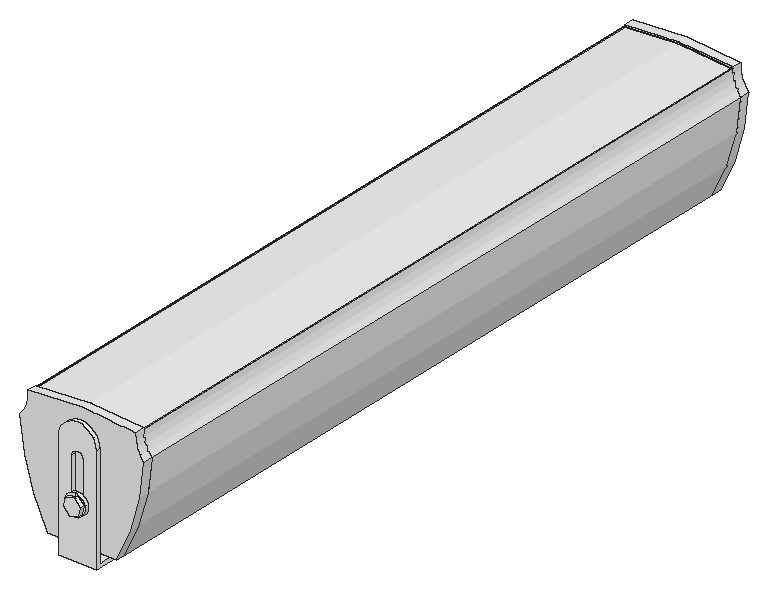
Revit family "Electronics_Desono_Biamp_Two-Way-Column-Loudspeaker_COLS41", category Communication Devices, host Face, Revit 2020
Family settings
  Host = Face
  Maintain Annotation Orientation = No
  Round Connector Dimension = Use Diameter
  Part Type = Normal
  OmniClass Number = 23.85.10.11.14.14.14
  OmniClass Title = Loudspeakers
  Cut with Voids When Loaded = No
  Shared = No
  Room Calculation Point = No
Parameters (values of type "COLS41")
  Width = 0' - 2.59843"  # constant formula
  Weight = 4.40925 lbf  # constant formula
  URL = "https://www.biamp.com/"
  Transformer = "70V: 20W, 10W, 5W, 2.5W; 100V: 20W, 10W, 5W"  # constant formula
  Transducers = "LF 4 x 2 (51 mm) coated paper cone HF 1 x 1 (25 mm) soft dome"  # constant formula
  Shipping Weight = 4.85017 lbf  # constant formula
  Rotate angle [instance] = 0.00°
  Recommended Amplifers = "20W - 40W @ 8Ω (13V - 18V)"  # constant formula
  Product data url = "https://www.bimobject.com/biamp/product/cols41_desono-column"
  Product Page URL = "https://www.biamp.com/products/product-families/desono/column-loudspeakers#cols41"
  Product Documentation Link = "https://downloads.biamp.com/assets/docs/default-source/data-sheets/biamp_data_sheet_desono_cols41_jun21.pdf"
  Operating Range 2 (-10dB) = "175 Hz to 22 kHz "  # constant formula
  Operating Mode = "Passive"  # constant formula
  Operating Environment = "Indoor/Outdoor"  # constant formula
  Offset [instance] = 0' - 0"
  Nominal Sensitivity @ 1m = "1W - 87dB; 2.83V - 87dB"  # constant formula
  Nominal Maximum SPL @ 1m = "Peak - 106dB; Continuous - 100dB"  # constant formula
  Nominal Beamwidth (H x V) = "150° x 20°"  # constant formula
  Nom rotate angle [instance] = if(and(Nom offset < 0' 0 1/4", or(Rotate angle < -15.00°, Rotate angle = -15.00°)), -15.00°, if(and(Nom offset < 0' 0 1/4", and(Rotate angle > -15.00°, Rotate angle < 15.00°)), Rotate angle, if(and(Nom offset < 0' 0 1/4", or(Rotate angle > 15.00°, Rotate angle = 15.00°)), 15.00°, if(and(and(Nom offset > 0' 0 51/256", Nom offset < 0' 0 217/256"), or(Rotate angle < -90.00°, Rotate angle = -90.00°)), -90.00°, if(and(and(Nom offset > 0' 0 51/256", Nom offset < 0' 0 217/256"), and(Rotate angle > -90.00°, Rotate angle < 90.00°)), Rotate angle, if(and(and(Nom offset > 0' 0 51/256", Nom offset < 0' 0 217/256"), or(Rotate angle > 90.00°, Rotate angle = 90.00°)), 90.00°, 0.00°))))))  # 0.00°
  Nom offset [instance] = if(or(Offset < 0' 0", Offset = 0' 0"), 0' 0", if(and(Offset > 0' 0", Offset < 0' 0.84646"), Offset, if(or(Offset > 0' 0.84646", Offset = 0' 0.84646"), 0' 0.84646", 0' 0")))  # 0' - 0"
  Mounting Provisions = "Adjustable tilt L-bracket"  # constant formula
  Model = "COLS41"  # constant formula
  Manufacturer = "Biamp"  # constant formula
  Input Connection = "Multi-position pass-through, screw-down terminal block"  # constant formula
  Housing Material = Biamp - Plastic - White
  Height = 1' - 3.74803"  # constant formula
  Grill Material = Biamp - Plastic - White(Grid)
  Environmental = "IP66 per IEC 60529"  # constant formula
  Description = "Desono™ COLS41 Two-Way 4 x 2 Column Loudspeaker"  # constant formula
  Depth = 0' - 2.59843"  # constant formula
  Default Elevation = 4' - 0"
  Controls = "None; select transformer tap or low impedance input via terminal block wiring"  # constant formula
  Continuous Power Handling Nominal Impedance = "13V; 20W @ 8Ω (80W peak)"  # constant formula
  Connector Description = "Terminal block; Low impedance 8 ohms; 70V/100V operation"  # constant formula
  Bracket Material = Biamp - Metal - White
Reference planes (in)
  plane 1 "Center (Front/Back)": y = 0
  plane 2: z = 0
  plane 3 "Center (Left/Right)": x = 0
  plane 4: z = 1.09609
  plane 5: z = 1.09609
Forms (in)
  Sweep 1, solid, material "Biamp - Metal - White" <- "Bracket Material", detail levels coarse
    path origin (0, 0, 0) x (1, 0, 0) y (0, 1, 0)
      loop
        line (0.3937, 0) -> (-0.3937, 0)
    profile origin (0, 0, 0) x (0, -1, 0) y (0, 0, 1)
      loop
        line (-7.99213, 0) -> (-4.92126, 0) -> (-4.92126, 0.07874) -> (-7.91339, 0.07874) -> (-7.91339, 2.61565) -> (-7.99213, 2.61565) -> (-7.99213, 0)
      loop
        line (7.99213, 0) -> (7.99213, 2.61565) -> (7.91339, 2.61565) -> (7.91339, 0.07874) -> (4.92126, 0.07874) -> (4.92126, 0) -> (7.99213, 0)
  Sweep 2, solid, material "Biamp - Metal - White" <- "Bracket Material", detail levels medium+fine
    path origin (0, 0, 0) x (1, 0, 0) y (0, 1, 0)
      loop
        line (0.3937, 0) -> (-0.3937, 0)
    profile origin (0, 0, 0) x (0, -1, 0) y (0, 0, 1)
      loop
        line (-7.99213, 0) -> (-4.92126, 0) -> (-4.92126, 0.07874) -> (-7.91339, 0.07874) -> (-7.91339, 2.61565) -> (-7.99213, 2.61565) -> (-7.99213, 0)
      loop
        line (7.99213, 0) -> (7.99213, 2.61565) -> (7.91339, 2.61565) -> (7.91339, 0.07874) -> (4.92126, 0.07874) -> (4.92126, 0) -> (7.99213, 0)
  Sweep 3, void
    path origin (0, 0, 0) x (1, 0, 0) y (0, 1, 0)
      loop
        line (0, -8.07087) -> (0, 8.07087)
    profile origin (0, 0, 0) x (-1, 0, 0) y (0, 0, 1)
      loop
        line (0.3937, 2.22195) -> (0.7874, 2.73406) -> (-0.7874, 2.73406) -> (-0.3937, 2.22195)
        arc (-0.3937, 2.22195) -> (0, 2.61565) -> (0.3937, 2.22195) r 0.3937
  Sweep 4, void
    path origin (0, 0, 0) x (1, 0, 0) y (0, 1, 0)
      loop
        line (0, -8.07087) -> (0, 8.07087)
    profile origin (0, 0, 0) x (-1, 0, 0) y (0, 0, 1)
      loop
        line (0.11834, 1.08194) -> (0.11834, 1.95664)
        arc (0.11834, 1.95664) -> (0, 2.07499) -> (-0.11834, 1.95664) r 0.11834
        line (-0.11834, 1.95664) -> (-0.11834, 1.08194)
        arc (-0.11834, 1.08194) -> (0, 0.9636) -> (0.11834, 1.08194) r 0.11834
  Revolve 5, solid, material "Biamp - Metal - White" <- "Bracket Material"
    sketch origin (0, 0, 0) x (0, 1, 0) y (0, 0, 1)
      loop
        line (7.7727, 1.09609) -> (8.05905, 1.09609) -> (8.05905, 1.31617) -> (7.99213, 1.31617) -> (7.99213, 1.19992) -> (7.7727, 1.19992) -> (7.7727, 1.09609)
      loop
        line (-7.7727, 1.09609) -> (-7.7727, 1.19992) -> (-7.99213, 1.19992) -> (-7.99213, 1.31617) -> (-8.05905, 1.31617) -> (-8.05905, 1.09609) -> (-7.7727, 1.09609)
      axis (-8.05905, 1.09609) -> (8.05905, 1.09609)
    angle from 0 to 360
  Sweep 6, solid, material "Biamp - Metal - White" <- "Bracket Material", detail levels medium+fine
    path origin (0, -0.07874, 0) x (0, 1, 0) y (0, 0, 1)
      loop
        line (8.13779, 1.09609) -> (8.21091, 1.09609)
    profile origin (0, 8.09561, 1.09609) x (0, 0, 1) y (1, 0, 0)
      loop
        line (0.05002, 0.18667) -> (-0.13665, 0.13665) -> (-0.18667, -0.05002) -> (-0.05002, -0.18667) -> (0.13665, -0.13665) -> (0.18667, 0.05002) -> (0.05002, 0.18667)
  Sweep 7, solid, material "Biamp - Metal - White" <- "Bracket Material", detail levels medium+fine
    path origin (0, 0.07874, 0) x (0, -1, 0) y (0, 0, 1)
      loop
        line (8.13779, 1.09609) -> (8.21091, 1.09609)
    profile origin (0, -8.09561, 1.09609) x (0, 0, -1) y (1, 0, 0)
      loop
        line (-0.05002, 0.18667) -> (-0.18667, 0.05002) -> (-0.13665, -0.13665) -> (0.05002, -0.18667) -> (0.18667, -0.05002) -> (0.13665, 0.13665) -> (-0.05002, 0.18667)
Cuts and joins
  Sweep 3, Sweep 4 cuts Sweep 2
  Sweep 4 cuts Sweep 1
Lines and regions (in)
  Masking region 1
    outline origin (0, 0, 0) x (1, 0, 0) y (0, 0, 1)
      loop
        line (-0.3937, 0) -> (0.3937, 0) -> (0.3937, 2.22195)
        arc (0.3937, 2.22195) -> (0, 2.61565) -> (-0.3937, 2.22195) r 0.3937
        line (-0.3937, 2.22195) -> (-0.3937, 0)
      loop
        line (0.11834, 1.08194) -> (0.11834, 1.95664)
        arc (0.11834, 1.95664) -> (0, 2.07499) -> (-0.11834, 1.95664) r 0.11834
        line (-0.11834, 1.95664) -> (-0.11834, 1.08194)
        arc (-0.11834, 1.08194) -> (0, 0.9636) -> (0.11834, 1.08194) r 0.11834
  Masking region 2
    outline origin (0, 0, 0) x (1, 0, 0) y (0, 1, 0)
      loop
        line (-0.3937, 8.07087) -> (-0.3937, 5) -> (0.3937, 5) -> (0.3937, 8.07087) -> (-0.3937, 8.07087)
      loop
        line (-0.3937, -8.07087) -> (0.3937, -8.07087) -> (0.3937, -5) -> (-0.3937, -5) -> (-0.3937, -8.07087)
  Masking region 3
    outline origin (0, 0, 0) x (1, 0, 0) y (0, 0, 1)
      loop
        circle (0, 1.09609) r 0.22008
  reference lines
    curve 1: line (0, 0, 1.09609) -> (0, 0, 4.63939)
Dimensions and locks (in)
  Masking region 1 sketch curve to Masking region 1 sketch curve = 0' - 2.22195"
  plane 2 to Masking region 1 sketch curve = 0' - 1.08194"
  "Nom offset": plane 4 to plane 5
  "Nom rotate angle": angle curve 1 to plane 3 "Center (Left/Right)"
  aligned and locked: plane 2 to host face
  aligned and locked: level to host face
  aligned and locked: plane 3 "Center (Left/Right)" to curve 1
  aligned and locked: plane 4 to curve 1
  aligned and locked: Sweep 7 sketch curve to plane 4
Automatic sketch dimensions
  host sketch curve to host sketch curve = 8' - 0"  (x2)
  plane 1 "Center (Front/Back)" to Sweep 1 sketch curve = 0' - 0"
  Sweep 1 sketch curve to plane 3 "Center (Left/Right)" = 0' - 0.3937"
  plane 3 "Center (Left/Right)" to Sweep 1 sketch curve = 0' - 0.3937"
  Sweep 1 sketch curve to level = 0' - 0"  (x2)
  level to Sweep 1 sketch curve = 0' - 2.61565"
  profile plane to Sweep 1 sketch curve = 0' - 7.99213"
  Sweep 1 sketch curve to Sweep 1 sketch curve = 0' - 0.07874"  (x2)
  level to Sweep 1 sketch curve = 0' - 0.07874"  (x2)
  Sweep 1 sketch curve to Sweep 1 sketch curve = 0' - 2.99213"  (x2)
  Sweep 1 sketch curve to profile plane = 0' - 4.92126"
  Sweep 1 sketch curve to Sweep 1 sketch curve = 0' - 2.53691"
  plane 1 "Center (Front/Back)" to Sweep 2 sketch curve = 0' - 0"
  Sweep 2 sketch curve to plane 3 "Center (Left/Right)" = 0' - 0.3937"
  plane 3 "Center (Left/Right)" to Sweep 2 sketch curve = 0' - 0.3937"
  Sweep 2 sketch curve to level = 0' - 0"  (x2)
  level to Sweep 2 sketch curve = 0' - 2.61565"
  profile plane to Sweep 2 sketch curve = 0' - 7.99213"
  Sweep 2 sketch curve to Sweep 2 sketch curve = 0' - 0.07874"  (x2)
  level to Sweep 2 sketch curve = 0' - 0.07874"  (x2)
  Sweep 2 sketch curve to Sweep 2 sketch curve = 0' - 2.99213"  (x2)
  Sweep 2 sketch curve to profile plane = 0' - 4.92126"
  Sweep 2 sketch curve to Sweep 2 sketch curve = 0' - 2.53691"
  Sweep 3 sketch curve to plane 3 "Center (Left/Right)" = 0' - 0"
  plane 1 "Center (Front/Back)" to Sweep 3 sketch curve = 0' - 8.07087"
  Sweep 3 sketch curve to plane 1 "Center (Front/Back)" = 0' - 8.07087"
  Sweep 3 sketch curve to profile plane = 0' - 0"
  profile plane to Sweep 3 sketch curve = 0' - 0.3937"
  Sweep 3 sketch curve to Sweep 3 sketch curve = 0' - 0.3937"  (x2)
  level to Sweep 3 sketch curve = 0' - 2.22195"
  Sweep 3 sketch curve to Sweep 3 sketch curve = 0' - 0.51211"
  Sweep 4 sketch curve to plane 3 "Center (Left/Right)" = 0' - 0"
  plane 1 "Center (Front/Back)" to Sweep 4 sketch curve = 0' - 8.07087"
  Sweep 4 sketch curve to plane 1 "Center (Front/Back)" = 0' - 8.07087"
  Sweep 4 sketch curve to profile plane = 0' - 0"
  profile plane to Sweep 4 sketch curve = 0' - 0.11834"
  level to Sweep 4 sketch curve = 0' - 1.08194"
  Sweep 4 sketch curve to Sweep 4 sketch curve = 0' - 0.8747"
  Revolve 5 sketch curve to plane 4 = 0' - 0"  (x3)
  plane 1 "Center (Front/Back)" to Revolve 5 sketch curve = 0' - 8.05905"
  Revolve 5 sketch curve to Revolve 5 sketch curve = 0' - 0.06693"  (x2)
  Revolve 5 sketch curve to Revolve 5 sketch curve = 0' - 0.21943"  (x2)
  Revolve 5 sketch curve to plane 1 "Center (Front/Back)" = 0' - 7.7727"
  plane 4 to Revolve 5 sketch curve = 0' - 0.10383"  (x2)
  Revolve 5 sketch curve to Revolve 5 sketch curve = 0' - 0.11625"  (x2)
  Revolve 5 sketch curve to Revolve 5 sketch curve = 0' - 0.05616"
  Revolve 5 sketch curve to Revolve 5 sketch curve = 0' - 0.24803"
  Sweep 6 sketch curve to plane 4 = 0' - 0"
  Sweep 6 sketch curve to plane 1 "Center (Front/Back)" = 0' - 8.05905"
  Sweep 6 sketch curve to Sweep 6 sketch curve = 0' - 0.07312"
  Sweep 6 sketch curve to plane 3 "Center (Left/Right)" = 0' - 0.05002"
  profile plane to Sweep 6 sketch curve = 0' - 0.18667"
  profile plane to Sweep 6 sketch curve = 0' - 0.13665"
  profile plane to Sweep 6 sketch curve = 0' - 0.05002"
  Sweep 6 sketch curve to profile plane = 0' - 0.05002"
  Sweep 6 sketch curve to profile plane = 0' - 0.13665"
  plane 3 "Center (Left/Right)" to Sweep 6 sketch curve = 0' - 0.05002"
  Sweep 6 sketch curve to profile plane = 0' - 0.18667"
  Sweep 6 sketch curve to plane 3 "Center (Left/Right)" = 0' - 0.13665"
  Sweep 6 sketch curve to plane 3 "Center (Left/Right)" = 0' - 0.18667"
  plane 3 "Center (Left/Right)" to Sweep 6 sketch curve = 0' - 0.13665"
  plane 3 "Center (Left/Right)" to Sweep 6 sketch curve = 0' - 0.18667"
  Sweep 7 sketch curve to plane 1 "Center (Front/Back)" = 0' - 8.05905"
  Sweep 7 sketch curve to Sweep 7 sketch curve = 0' - 0.07312"
  plane 3 "Center (Left/Right)" to Sweep 7 sketch curve = 0' - 0.05002"
  profile plane to Sweep 7 sketch curve = 0' - 0.18667"
  profile plane to Sweep 7 sketch curve = 0' - 0.13665"
  profile plane to Sweep 7 sketch curve = 0' - 0.05002"
  Sweep 7 sketch curve to profile plane = 0' - 0.05002"
  Sweep 7 sketch curve to profile plane = 0' - 0.13665"
  Sweep 7 sketch curve to plane 3 "Center (Left/Right)" = 0' - 0.05002"
  Sweep 7 sketch curve to profile plane = 0' - 0.18667"
  Sweep 7 sketch curve to plane 3 "Center (Left/Right)" = 0' - 0.13665"
  Sweep 7 sketch curve to plane 3 "Center (Left/Right)" = 0' - 0.18667"
  plane 3 "Center (Left/Right)" to Sweep 7 sketch curve = 0' - 0.13665"
  plane 3 "Center (Left/Right)" to Sweep 7 sketch curve = 0' - 0.18667"
  Masking region 1 sketch curve to level = 0' - 0"
  Masking region 1 sketch curve to plane 3 "Center (Left/Right)" = 0' - 0.3937"
  Masking region 1 sketch curve to plane 3 "Center (Left/Right)" = 0' - 0"  (x2)
  Masking region 2 sketch curve to plane 3 "Center (Left/Right)" = 0' - 0.3937"  (x2)
  plane 3 "Center (Left/Right)" to Masking region 2 sketch curve = 0' - 0.3937"  (x2)
  plane 1 "Center (Front/Back)" to Masking region 2 sketch curve = 0' - 8.07087"
  Masking region 2 sketch curve to Masking region 2 sketch curve = 0' - 3.07087"  (x2)
  Masking region 2 sketch curve to plane 1 "Center (Front/Back)" = 0' - 5"
  Masking region 1 sketch curve to Masking region 1 sketch curve = 0' - 0.11834"
  Masking region 1 sketch curve to Masking region 1 sketch curve = 0' - 0.26531"
  Masking region 3 sketch curve to plane 3 "Center (Left/Right)" = 0' - 0"
  Masking region 3 sketch curve to plane 4 = 0' - 0"
  radius of Masking region 3 sketch curve = 0' - 0.22008"
Nested families (in)
  nested 1: "COLS41" at (0, 0, 0.23487), Housing Material <- "Housing Material", Grill <- "Grill Material", type "COLS41"
    with Housing Material Biamp - Plastic - White, Grill Biamp - Plastic - White(Grid)
Connectors (in)
  electrical at (0.00001, -3.83858, 0.28208), driven by "Connector Description"
    settings: on nested 1, index 1, voltage 0 V, apparent load 0 VA, apparent load phase1 0 VA, apparent load phase2 0 VA, apparent load phase3 0 VA, power factor 1, load classification "Other", number of poles 1, system type 5, power factor state 1, is connector primary yes, connector utility no, sub classification motor no, connector description "Terminal block; Low impedance 8 ohms; 70V/100V operation"
Definition of nested family "COLS41"
  Parameters (values of type "COLS41")
    Housing Material [instance] = none
    Grill [instance] = none
    Default Elevation = 4' - 0"
  Reference planes (in)
    plane 1 "Center (Front/Back)": y = 0
    plane 2: z = 0
    plane 3 "Center (Left/Right)": x = 0
  Forms (in)
    Extrusion 1, solid, material <- "Housing Material", detail levels coarse
      sketch origin (0, 0, 0) x (1, 0, 0) y (0, 0, 1)
        loop
          line (-0.71874, 0) -> (0.71874, 0)
          arc (0.71874, 0) -> (1.11926, 0.97774) -> (1.2915, 2.0202) r 4.70511
          arc (1.2915, 2.0202) -> (1.16796, 2.24634) -> (1.12608, 2.50061) r 0.76881
          arc (1.12608, 2.50061) -> (0, 2.58381) -> (-1.12608, 2.50061) r 7.66194
          arc (-1.12608, 2.50061) -> (-1.16796, 2.24634) -> (-1.2915, 2.0202) r 0.76881
          arc (-1.2915, 2.0202) -> (-1.11926, 0.97774) -> (-0.71874, 0) r 4.70511
      from -7.87402 to 7.87402
    Extrusion 2, solid, material <- "Housing Material", detail levels medium+fine
      sketch origin (0, 0, 0) x (1, 0, 0) y (0, 0, 1)
        loop
          line (-0.71874, 0) -> (0.71874, 0)
          arc (0.71874, 0) -> (1.11926, 0.97774) -> (1.2915, 2.0202) r 4.70511
          arc (1.2915, 2.0202) -> (1.16406, 2.25798) -> (1.1266, 2.52514) r 0.76881
          arc (1.1266, 2.52514) -> (0, 2.60841) -> (-1.1266, 2.52514) r 7.66194
          arc (-1.1266, 2.52514) -> (-1.16406, 2.25798) -> (-1.2915, 2.0202) r 0.76881
          arc (-1.2915, 2.0202) -> (-1.11926, 0.97774) -> (-0.71874, 0) r 4.70511
      from 7.67717 to 7.87402
    Extrusion 3, solid, material <- "Housing Material", detail levels medium+fine
      sketch origin (0, 0, 0) x (1, 0, 0) y (0, 0, 1)
        loop
          line (-0.71874, 0) -> (0.71874, 0)
          arc (0.71874, 0) -> (1.11926, 0.97774) -> (1.2915, 2.0202) r 4.70511
          arc (1.2915, 2.0202) -> (1.16406, 2.25798) -> (1.1266, 2.52514) r 0.76881
          arc (1.1266, 2.52514) -> (0, 2.60841) -> (-1.1266, 2.52514) r 7.66194
          arc (-1.1266, 2.52514) -> (-1.16406, 2.25798) -> (-1.2915, 2.0202) r 0.76881
          arc (-1.2915, 2.0202) -> (-1.11926, 0.97774) -> (-0.71874, 0) r 4.70511
      from -7.87402 to -7.67717
    Extrusion 4, solid, material <- "Housing Material", detail levels medium+fine
      sketch origin (0, 0, 0) x (1, 0, 0) y (0, 0, 1)
        loop
          line (-0.71874, 0) -> (0.71874, 0)
          arc (0.71874, 0) -> (1.11926, 0.97774) -> (1.2915, 2.0202) r 4.70511
          arc (1.2915, 2.0202) -> (1.16796, 2.24634) -> (1.12608, 2.50061) r 0.76881
          arc (1.12608, 2.50061) -> (0, 2.58381) -> (-1.12608, 2.50061) r 7.66194
          arc (-1.12608, 2.50061) -> (-1.16796, 2.24634) -> (-1.2915, 2.0202) r 0.76881
          arc (-1.2915, 2.0202) -> (-1.11926, 0.97774) -> (-0.71874, 0) r 4.70511
      from -7.67717 to 7.67717
    Extrusion 5, void
      sketch origin (0, 0, 0) x (1, 0, 0) y (0, 1, 0)
        loop
          line (-1.10639, -7.65748) -> (1.1064, -7.65748) -> (1.1064, 7.65748) -> (-1.10639, 7.65748) -> (-1.10639, -7.65748)
      from 2.36707 to 2.82334
    Extrusion 6, solid, material <- "Grill", detail levels medium+fine
      sketch origin (0, -7.87402, 0) x (1, 0, 0) y (0, 0, 1)
        loop
          line (-1.10639, 2.50351) -> (-1.10639, 2.42392)
          arc (-1.10639, 2.42392) -> (0.00001, 2.50507) -> (1.1064, 2.42392) r 7.58319
          line (1.1064, 2.42392) -> (1.1064, 2.5035)
          arc (1.1064, 2.5035) -> (0.00001, 2.58381) -> (-1.10639, 2.50351) r 7.66194
      from -15.5315 to -0.19685
    Extrusion 7, void
      sketch origin (-0.71874, 1.9685, 0) x (-1, 0, 0) y (0, -1, 0)
        loop
          circle (-0.71875, 5.80709) r 0.19685
      from 0 to 0.04722
  Cuts and joins
    Extrusion 7 cuts Extrusion 1
    Extrusion 5, Extrusion 7 cuts Extrusion 4
    Extrusion 7 cuts Extrusion 6
  Lines and regions (in)
    Masking region 1
      outline origin (0, 0, 0) x (1, 0, 0) y (0, 1, 0)
        loop
          line (-1.2915, 7.87402) -> (-1.2915, 7.67717) -> (1.2915, 7.67717) -> (1.2915, 7.87402) -> (-1.2915, 7.87402)
        loop
          line (-1.2915, -7.67717) -> (-1.2915, -7.87402) -> (1.2915, -7.87402) -> (1.2915, -7.67717) -> (-1.2915, -7.67717)
    Masking region 2
      outline origin (0, 0, 0) x (1, 0, 0) y (0, 1, 0)
        loop
          line (-1.2915, 7.67717) -> (-1.2915, -7.67717) -> (1.2915, -7.67717) -> (1.2915, 7.67717) -> (-1.2915, 7.67717)
    Masking region 3
      outline origin (0, 0, 0) x (1, 0, 0) y (0, 1, 0)
        loop
          line (-1.10639, 7.65748) -> (-1.10639, -7.65748) -> (1.1064, -7.65748) -> (1.1064, 7.65748) -> (-1.10639, 7.65748)
    Masking region 4
      outline origin (0, 0, 0) x (1, 0, 0) y (0, 0, 1)
        loop
          arc (-1.2915, 2.0202) -> (-1.11926, 0.97774) -> (-0.71874, 0) r 4.70511
          line (-0.71874, 0) -> (0.71874, 0)
          arc (0.71874, 0) -> (1.11926, 0.97774) -> (1.2915, 2.0202) r 4.70511
          arc (1.2915, 2.0202) -> (1.16406, 2.25798) -> (1.1266, 2.52514) r 0.76881
          arc (1.1266, 2.52514) -> (0, 2.60841) -> (-1.1266, 2.52514) r 7.66194
          arc (-1.1266, 2.52514) -> (-1.16406, 2.25798) -> (-1.2915, 2.0202) r 0.76881
  Dimensions and locks (in)
    aligned and locked: level to plane 2
